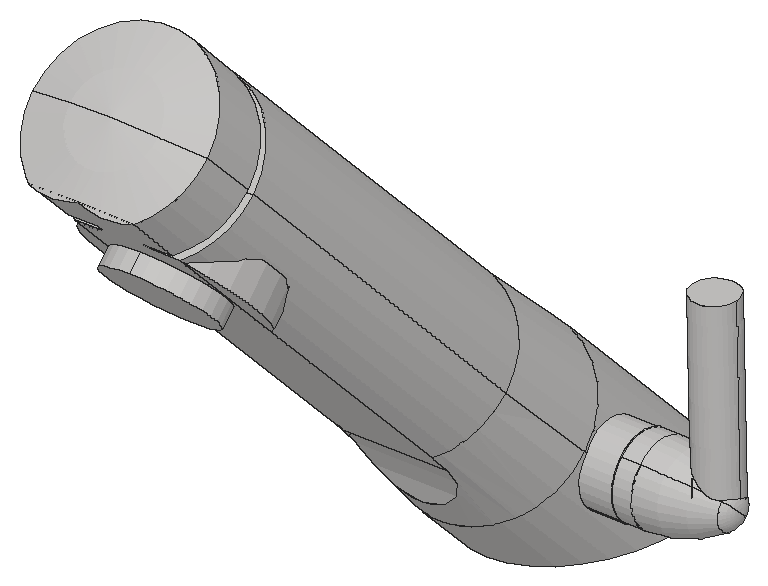
Revit family
Parameters
  WaterSupplyTemperatureMaximum = "55°C-85° (∆50°C : CW/HW)"
  WarrantyDurationUnit = "10 years"
  WarrantyDescription = "Any manufacturing defect"
  Version = "v1"
  SerialNumber = "3456330136259"
  ProductInformation = "http://www.delabie.com/products/742510"
  Operation = "Soft-touch time flow mixer"
  NominalLength = 100 mm
  NominalHeight = 85 mm
  Name = "TEMPOSOFT MIX 2"
  ModelNumber = "742510"
  Material = Solid brass
  ManufacturerURL = "http://www.delabie.com"
  ManufacturerName = "DELABIE"
  IntegralAccessoryOptions = "Thermostatic mixing valve "
  IntegralAccessory = "PEX flexibles"
  Grade = "ACS - WRAS - BELGAQUA - Ü ACCOUSTIQUE - PZH"
  FlowRate lps = "0.05 lps at 3 bar"
  FlowRate lpm = "3 lpm at 3 bar"
  Finish = Chrome-plated
  Features  = "Deck-mounted time flow basin mixer :\r\nSoft-touch operation.\r\nTime flow ~7 seconds.\r\nFlow rate pre-set at 3 lpm at 3 bar, can be adjusted from 1.5 to 6 lpm.\r\nTamperproof scale-resistant flow straightener.\r\nChrome-plated solid brass body.\r\nPEX flexibles F3/8\" with filters and non-return valves.\r\nReinforced fixing.\r\nSide temperature control with standard lever and adjustable maximum temperature limiter."
  Description = "French manufacturer Delabie is a leader in the European sanitary ware market for non-domestic places. Water controls, solutions for disabled people, sanitary ware, for schools, leisure centres, offices, hospitals, airports…"
  Keynote = ""
  URL = "http://www.delabie.com"
  Type Comments = "Deck-mounted time flow mixer"
  Radius = 7.6 mm
  Model = "TEMPOSOFT MIX 2"
  Manufacturer = "DELABIE"
  Category = "Basin mixer"
  Assembly Code = ""
Reference planes
  plane 1 "Center (Front/Back)": y = 0
  plane 2: z = 0
  plane 3 "Center (Left/Right)": x = 0
Forms (mm)
  Revolve 1, solid, material "Laiton massif chromé"
    sketch origin (0.191, -41.523, 41.431) x (1, 0, 0) y (0, -0.707107, 0.707107)
      loop
        line (-0.42, 114.876) -> (-0.42, -77.619) -> (18.478, -77.619) -> (18.478, -22.994)
        arc (18.478, -22.994) -> (17.705, -9.638) -> (17.448, 3.739) r 347.359
        line (17.448, 3.739) -> (17.448, 95.076) -> (14.646, 95.076) -> (14.646, 97.307) -> (17.448, 97.307) -> (17.448, 111.726)
        arc (17.448, 111.726) -> (8.607, 113.826) -> (-0.42, 114.876) r 77.402
      axis (-0.42, 114.876) -> (-0.42, -77.619)
    angle from 0 to 360
  Sweep 2, void
    path origin (0.098, -87.492, 12.405) x (1, 0, 0) y (0, 0.707107, 0.707107)
      loop
        line (-26.218, 53.42) -> (23.782, 53.42)
    profile origin (-1.12, -49.719, 50.179) x (0, 0.707107, 0.707107) y (0, -0.707107, 0.707107)
      loop
        line (-14.673, -14.062) -> (-14.673, 106.339) -> (-19.55, 106.339) -> (-19.55, -28.661)
        arc (-19.55, -28.661) -> (-15.925, -21.758) -> (-14.673, -14.062) r 24.29
  Revolve 3, solid, material "Laiton massif chromé"
    sketch origin (0.009, 26.85, -24.9) x (1, 0, 0) y (0, -0.707107, 0.707107)
      loop
        line (25.056, 63.685) -> (25.056, 55.472) -> (29.056, 55.472)
        arc (29.056, 55.472) -> (36.489, 56.591) -> (43.263, 59.848) r 25.25
        arc (43.263, 59.848) -> (44.629, 61.537) -> (44.953, 63.685) r 4.143
        line (44.953, 63.685) -> (25.056, 63.685)
      axis (25.056, 63.685) -> (44.953, 63.685)
    angle from 0 to 360
  Extrusion 4, solid, material "Laiton massif chromé"
    sketch origin (-38.846, -47.519, 13.116) x (1, 0, 0) y (0, 0.999492, 0.031884)
      loop
        circle (78.834, 30.294) r 4.5
    from 6.924 to 45.043
  Extrusion 5, solid, material "Laiton massif chromé"
    sketch origin (21.44, 20.63, -31.12) x (0, 0.707107, 0.707107) y (0, -0.707107, 0.707107)
      loop
        circle (8.733, 63.674) r 8.2
    from -3.073 to 3.626
  Extrusion 6, solid, material "Laiton massif chromé"
    sketch origin (0.098, -87.492, 12.405) x (1, 0, 0) y (0, -0.707107, 0.707107)
      loop
        line (-10.372, 49.766) -> (10.372, 49.766)
        arc (10.372, 49.766) -> (16.505, 66.048) -> (10.372, 82.329) r 24.679
        line (10.372, 82.329) -> (-10.372, 82.329)
        arc (-10.372, 82.329) -> (-16.505, 66.048) -> (-10.372, 49.766) r 24.679
    from -45.861 to -38.746
  Sweep 7, void
    path origin (-3.515, -139.143, 0) x (1, 0, 0) y (0, 1, 0)
      loop
        line (-29.335, 136.831) -> (50.665, 136.831)
    profile origin (7.15, -2.313, 0) x (0, 1, 0) y (0, 0, 1)
      loop
        line (51.284, -0.092) -> (-30.962, -0.092) -> (-30.962, -40.092) -> (51.284, -40.092) -> (51.284, -0.092)
  Extrusion 8, solid, material "Laiton massif chromé"
    sketch origin (-0.361, -87.231, 12.144) x (1, 0, 0) y (0, -0.707107, 0.707107)
      loop
        circle (-0.42, 66.446) r 11.106
    from -38.746 to -34.747
Cuts and joins
  Sweep 2, Sweep 7 cuts Revolve 1
  Sweep 2 cuts Extrusion 6
Connectors
  piping at (-8.423, 0, 0), driven by "Radius"
    settings: index 1, connector radius 7.6 mm, flow factor 0, pipe flow 0.05 L/s, pressure drop 0.0 Pa, fitting loss kfactor 0, connector angle 0.00°, fixture units 0, flow configuration 0, flow direction 1, fitting loss method 0, system type 19, connector reference index -1, connector utility 0, adjustable connector no, is connector primary yes, fitting loss table "", connector description "In - Hot water"
  piping at (8.282, 0, 0), driven by "Radius"
    settings: index 2, connector radius 7.6 mm, flow factor 0, pipe flow 0.05 L/s, pressure drop 0.0 Pa, fitting loss kfactor 0, connector angle 0.00°, fixture units 0, flow configuration 0, flow direction 1, fitting loss method 0, system type 20, connector reference index -1, connector utility 0, adjustable connector no, is connector primary no, fitting loss table "", connector description "In - Cold water"
